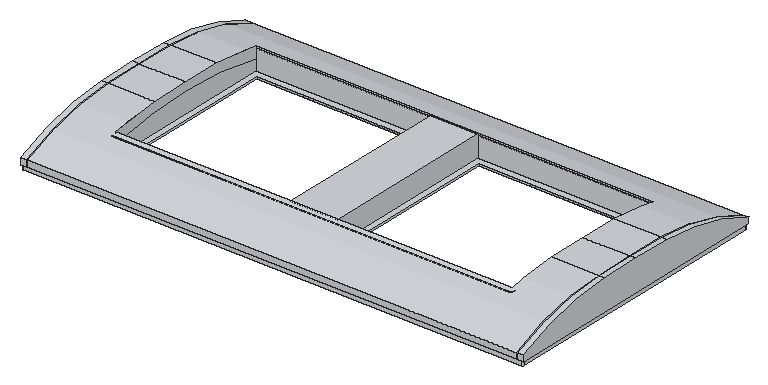
Revit family "Gira_0212327", category Electrical Fixtures, host Face, Revit 2017
Family settings
  Host = Face
  Maintain Annotation Orientation = No
  Round Connector Dimension = Use Diameter
  Part Type = Normal
  Cut with Voids When Loaded = No
  Shared = No
  Room Calculation Point = No
Parameters (values of type "Abdeckrahmen 2f Zwischenr. RW Gira Event Reinweiß m")
  Werkstoffgüte = "Thermoplast"
  Werkstoff = "Kunststoff"
  URL = "http://katalog.gira.de/de_DE/datenblatt.html?artikelnr=0212327"
  Transparent = "No"
  Textfeld/Beschriftungsfläche = "No"
  Schutzart (IP) = "IP20"
  Region = "DE"
  RAL-Nummer (ähnlich) = "9010 "
  Oberfläche = "sonstige"
  Name = "Abdeckrahmen 2f Zwischenr. RW Gira Event Reinweiß m"
  Montagerichtung = "horizontal und vertikal"
  Mit Montagerahmen = "No"
  Mit Klappdeckel = "No"
  Manufacturer URL = "https://www.gira.de/"
  Keynote = "Event_Rahmen_2fach"
  HeinzeBIM = "https://bimportal.heinze.de/bim/abdeckrahmen-2f-zwischenr-rw-gira-event-reinweiss-m/fdde9cccc29f9a91ee13d2a853de6ad1b7072994"
  Halogenfrei = "Yes"
  HAN = "0212327"
  Geeignet für Unterputz-Installation = "Yes"
  Geeignet für Unterflurkanaldose = "No"
  Geeignet für Geräteeinbaukanal = "No"
  Geeignet für Einbauinstallation = "No"
  GTIN = "4010337074175"
  Farbe = "weiß"
  Default Elevation = 1219.2 mm
  Data sheet (1) = "https://katalog.gira.de/de_DE/download.html?artikelnr=0212327"
  Category = "Abdeckrahmen"
  Befestigungsart = "Klemmbefestigung"
  Available = "Yes"
  Anzahl der Einheiten vertikal = "2 "
  Anzahl der Einheiten horizontal = "2 "
  Anzahl der Einheiten = "2 "
Reference planes
  plane 1 "Center (Front/Back)": y = 0
  plane 2: z = 0
  plane 3 "Center (Left/Right)": x = 0
Forms (mm)
  Extrusion 1, solid, detail levels fine
    sketch origin (0, 0, 0.05) x (0, 1, 0) y (0, 0, 1)
      loop
        arc (12.445, 9.683) -> (6.223, 9.833) -> (0, 9.85) r 291.636
        arc (0, 9.85) -> (-6.223, 9.833) -> (-12.445, 9.683) r 291.636
        arc (-12.445, 9.683) -> (-29.14, 7.482) -> (-45, 1.823) r 79.728
        line (-45, 1.823) -> (-45, -0.05) -> (-42.086, -0.05)
        arc (-42.086, -0.05) -> (-21.385, 5.559) -> (0, 7.206) r 114.424
        arc (0, 7.206) -> (21.385, 5.559) -> (42.086, -0.05) r 114.424
        line (42.086, -0.05) -> (45, -0.05) -> (45, 1.823)
        arc (45, 1.823) -> (29.14, 7.482) -> (12.445, 9.683) r 79.728
    from -78.55 to 78.55
  Extrusion 2, void, detail levels fine
    sketch origin (0, 0, 0) x (1, 0, 0) y (0, 1, 0)
      loop
        line (-63.55, -27.937) -> (63.55, -27.937) -> (63.55, 28.063) -> (-63.55, 28.063) -> (-63.55, -27.937)
    from 0.724 to 11
  Extrusion 3, solid, detail levels coarse
    sketch origin (0, 0, 0) x (1, 0, 0) y (0, 1, 0)
      loop
        line (-80.55, 45) -> (-80.55, -45) -> (80.55, -45) -> (80.55, 45) -> (-80.55, 45)
    from -1.5 to 9.9
  Extrusion 4, solid, detail levels medium
    sketch origin (0, 0, 0.05) x (0, 1, 0) y (0, 0, 1)
      loop
        arc (12.445, 9.683) -> (6.223, 9.833) -> (0, 9.85) r 291.636
        arc (0, 9.85) -> (-6.223, 9.833) -> (-12.445, 9.683) r 291.636
        arc (-12.445, 9.683) -> (-29.14, 7.482) -> (-45, 1.823) r 79.728
        line (-45, 1.823) -> (-45, -0.05) -> (45, -0.05) -> (45, 1.823)
        arc (45, 1.823) -> (29.14, 7.482) -> (12.445, 9.683) r 79.728
    from -80.55 to 80.55
  Extrusion 5, solid, detail levels fine
    sketch origin (-35.55, 0, -1.5) x (0, 1, 0) y (0, 0, -1)
      loop
        line (45, -3.373) -> (45, -1.5) -> (-45, -1.5) -> (-45, -3.373)
        arc (-45, -3.373) -> (-29.14, -9.032) -> (-12.445, -11.233) r 79.728
        arc (-12.445, -11.233) -> (-6.223, -11.383) -> (0, -11.4) r 291.636
        arc (0, -11.4) -> (6.223, -11.383) -> (12.445, -11.233) r 291.636
        arc (12.445, -11.233) -> (29.14, -9.032) -> (45, -3.373) r 79.728
    from 43 to 45
  Extrusion 6, solid, detail levels fine
    sketch origin (0, 0, 0) x (1, 0, 0) y (0, 1, 0)
      loop
        line (-61.45, 25.7) -> (-61.45, -25.7) -> (-9.65, -25.7) -> (-9.65, 25.7) -> (-61.45, 25.7)
      loop
        line (61.45, -25.7) -> (61.45, 25.7) -> (9.65, 25.7) -> (9.65, -25.7) -> (61.45, -25.7)
      loop
        line (-64.445, 28.49) -> (-64.445, -28.495)
        spline (-64.445, -28.495) -> (-64.436, -28.625) -> (-64.411, -28.754) -> (-64.369, -28.878) -> (-64.311, -28.995) -> (-64.238, -29.104) -> (-64.152, -29.202) -> (-64.054, -29.288) -> (-63.945, -29.361) -> (-63.828, -29.419) -> (-63.704, -29.461) -> (-63.575, -29.486) -> (-63.445, -29.495)
        line (-63.445, -29.495) -> (63.445, -29.495)
        spline (63.445, -29.495) -> (63.575, -29.486) -> (63.704, -29.461) -> (63.828, -29.419) -> (63.945, -29.361) -> (64.054, -29.288) -> (64.152, -29.202) -> (64.238, -29.104) -> (64.311, -28.995) -> (64.369, -28.878) -> (64.411, -28.754) -> (64.436, -28.625) -> (64.445, -28.495)
        line (64.445, -28.495) -> (64.445, 28.49)
        spline (64.445, 28.49) -> (64.436, 28.62) -> (64.411, 28.748) -> (64.369, 28.872) -> (64.311, 28.99) -> (64.238, 29.098) -> (64.152, 29.197) -> (64.054, 29.283) -> (63.945, 29.356) -> (63.828, 29.413) -> (63.704, 29.456) -> (63.575, 29.481) -> (63.445, 29.49)
        line (63.445, 29.49) -> (-63.445, 29.49)
        spline (-63.445, 29.49) -> (-63.575, 29.481) -> (-63.704, 29.456) -> (-63.828, 29.413) -> (-63.945, 29.356) -> (-64.054, 29.283) -> (-64.152, 29.197) -> (-64.238, 29.098) -> (-64.311, 28.99) -> (-64.369, 28.872) -> (-64.411, 28.748) -> (-64.436, 28.62) -> (-64.445, 28.49)
    from 0.1 to 7.3
  Extrusion 7, solid
    sketch origin (0, 0, 0) x (1, 0, 0) y (0, 1, 0)
      loop
        arc (-80.25, -44.2) -> (-80.104, -44.554) -> (-79.75, -44.7) r 0.5
        line (-79.75, -44.7) -> (79.75, -44.7)
        arc (79.75, -44.7) -> (80.104, -44.554) -> (80.25, -44.2) r 0.5
        line (80.25, -44.2) -> (80.25, 44.2)
        arc (80.25, 44.2) -> (80.104, 44.554) -> (79.75, 44.7) r 0.5
        line (79.75, 44.7) -> (-79.75, 44.7)
        arc (-79.75, 44.7) -> (-80.104, 44.554) -> (-80.25, 44.2) r 0.5
        line (-80.25, 44.2) -> (-80.25, -44.2)
      loop
        line (-78.55, 43) -> (-78.55, -43) -> (78.55, -43) -> (78.55, 43) -> (-78.55, 43)
    from -1.5 to 0.5
  Extrusion 8, solid, detail levels fine
    sketch origin (35.55, 0, -1.5) x (0, 1, 0) y (0, 0, 1)
      loop
        arc (45, 3.373) -> (29.14, 9.032) -> (12.445, 11.233) r 79.728
        arc (12.445, 11.233) -> (6.223, 11.383) -> (0, 11.4) r 291.636
        arc (0, 11.4) -> (-6.223, 11.383) -> (-12.445, 11.233) r 291.636
        arc (-12.445, 11.233) -> (-29.14, 9.032) -> (-45, 3.373) r 79.728
        line (-45, 3.373) -> (-45, 1.5) -> (45, 1.5) -> (45, 3.373)
    from 43 to 45
  Extrusion 9, solid, detail levels medium
    sketch origin (0, 0, 0) x (1, 0, 0) y (0, 1, 0)
      loop
        line (-80.25, -44.7) -> (80.25, -44.7) -> (80.25, 44.7) -> (-80.25, 44.7) -> (-80.25, -44.7)
    from -1.5 to 0.5
  Extrusion 10, solid, detail levels fine
    sketch origin (0, 0, 0) x (1, 0, 0) y (0, 1, 0)
      loop
        line (-7.55, 28.063) -> (-7.55, -27.937) -> (7.55, -27.937) -> (7.55, 28.063) -> (-7.55, 28.063)
    from 0.724 to 7.566
Cuts and joins
  Extrusion 2 cuts Extrusion 1
  Extrusion 2 cuts Extrusion 6
Dimensions and locks
  aligned and locked: plane 2 to host face
  aligned and locked: level to host face
